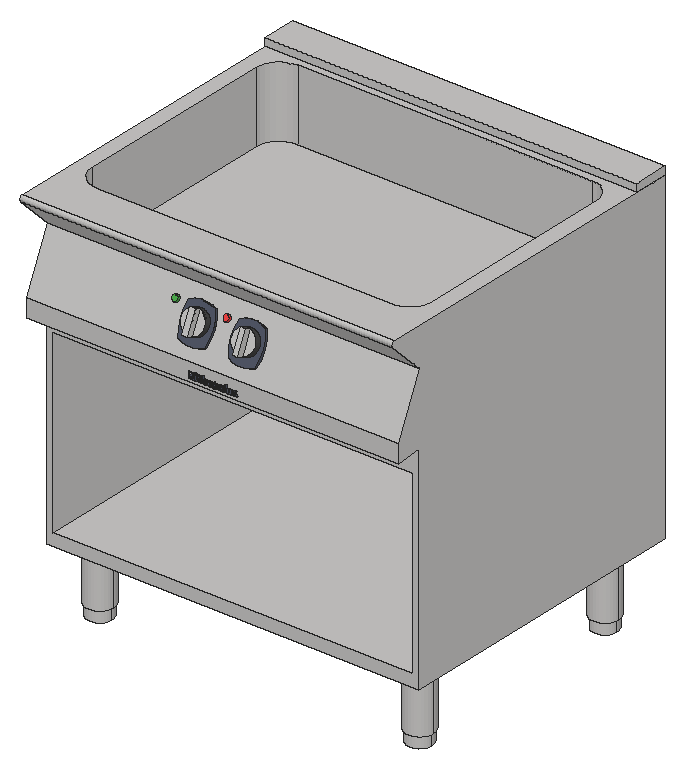
Revit family "QF_ELECTROLUXPROFESSIONAL_371110_E7MFEHDI00", category Specialty Equipment, Revit 2018 (continued)
Automatic sketch dimensions
  Extrusion 18 sketch curve to Extrusion 18 sketch curve = 0.222 mm
  Extrusion 18 sketch curve to Extrusion 18 sketch curve = 1.383 mm
  Extrusion 18 sketch curve to Extrusion 18 sketch curve = 3.114 mm
  Extrusion 18 sketch curve to Extrusion 18 sketch curve = 3.376 mm
  Extrusion 18 sketch curve to Extrusion 18 sketch curve = 0.934 mm
  Extrusion 18 sketch curve to Extrusion 18 sketch curve = 0.191 mm
  Extrusion 18 sketch curve to Extrusion 18 sketch curve = 3.696 mm
  Extrusion 18 sketch curve to Extrusion 18 sketch curve = 2.708 mm
  Extrusion 18 sketch curve to Extrusion 18 sketch curve = 3.333 mm
  Extrusion 18 sketch curve to Extrusion 18 sketch curve = 0.332 mm
  Extrusion 18 sketch curve to Extrusion 18 sketch curve = 1.087 mm
  Extrusion 18 sketch curve to Extrusion 18 sketch curve = 2.23 mm
  Extrusion 18 sketch curve to Extrusion 18 sketch curve = 2.757 mm
  Extrusion 18 sketch curve to Extrusion 18 sketch curve = 0.987 mm
  Extrusion 18 sketch curve to Extrusion 18 sketch curve = 1.529 mm
  Extrusion 18 sketch curve to Extrusion 18 sketch curve = 1.796 mm
  Extrusion 18 sketch curve to Extrusion 18 sketch curve = 2.859 mm
  Extrusion 18 sketch curve to Extrusion 18 sketch curve = 0.853 mm
  Extrusion 18 sketch curve to Extrusion 18 sketch curve = 1.241 mm
  Extrusion 18 sketch curve to Extrusion 18 sketch curve = 2.046 mm  (x2)
  Extrusion 18 sketch curve to Extrusion 18 sketch curve = 2.422 mm
  Extrusion 18 sketch curve to Extrusion 18 sketch curve = 0.27 mm
  Extrusion 18 sketch curve to Extrusion 18 sketch curve = 0.69 mm
  Extrusion 18 sketch curve to Extrusion 18 sketch curve = 0.781 mm  (x2)
  Extrusion 18 sketch curve to Extrusion 18 sketch curve = 3.136 mm
  Extrusion 18 sketch curve to Extrusion 18 sketch curve = 1.767 mm
  Extrusion 18 sketch curve to Extrusion 18 sketch curve = 0.138 mm
  Extrusion 18 sketch curve to Extrusion 18 sketch curve = 0.777 mm
  Extrusion 18 sketch curve to Extrusion 18 sketch curve = 1.19 mm
  Extrusion 18 sketch curve to Extrusion 18 sketch curve = 0.782 mm
  Extrusion 18 sketch curve to Extrusion 18 sketch curve = 1.268 mm
  Extrusion 18 sketch curve to Extrusion 18 sketch curve = 0.422 mm  (x2)
  Extrusion 18 sketch curve to Extrusion 18 sketch curve = 1.559 mm
  Extrusion 18 sketch curve to Extrusion 18 sketch curve = 3.927 mm
  Extrusion 18 sketch curve to Extrusion 18 sketch curve = 0.983 mm
  Extrusion 18 sketch curve to Extrusion 18 sketch curve = 1.134 mm
  Extrusion 18 sketch curve to Extrusion 18 sketch curve = 0.094 mm
  Extrusion 18 sketch curve to Extrusion 18 sketch curve = 1.584 mm
  plane 7 "Center Y" to Extrusion 18 sketch curve = 0.32 mm
  Extrusion 18 sketch curve to Extrusion 18 sketch curve = 0.916 mm
  Extrusion 18 sketch curve to Extrusion 18 sketch curve = 0.352 mm
  Extrusion 18 sketch curve to Extrusion 18 sketch curve = 0.458 mm
  Extrusion 18 sketch curve to Extrusion 18 sketch curve = 1.282 mm
  Extrusion 18 sketch curve to Extrusion 18 sketch curve = 1.363 mm
  Extrusion 18 sketch curve to Extrusion 18 sketch curve = 0.685 mm
  Extrusion 18 sketch curve to Extrusion 18 sketch curve = 0.905 mm
  Extrusion 18 sketch curve to Extrusion 18 sketch curve = 2.865 mm
  Extrusion 18 sketch curve to Extrusion 18 sketch curve = 0.472 mm
  Extrusion 18 sketch curve to Extrusion 18 sketch curve = 0.101 mm
  Extrusion 18 sketch curve to Extrusion 18 sketch curve = 0.54 mm
  Extrusion 18 sketch curve to Extrusion 18 sketch curve = 0.02 mm
  Extrusion 18 sketch curve to Extrusion 18 sketch curve = 0.468 mm
  Extrusion 18 sketch curve to Extrusion 18 sketch curve = 0.829 mm
  Extrusion 18 sketch curve to Extrusion 18 sketch curve = 0.582 mm
  Extrusion 18 sketch curve to Extrusion 18 sketch curve = 0.166 mm
  Extrusion 18 sketch curve to Extrusion 18 sketch curve = 0.16 mm
  Extrusion 18 sketch curve to Extrusion 18 sketch curve = 2.781 mm
  Extrusion 18 sketch curve to Extrusion 18 sketch curve = 1.118 mm
  Extrusion 18 sketch curve to Extrusion 18 sketch curve = 0.613 mm
  Extrusion 18 sketch curve to Extrusion 18 sketch curve = 0.361 mm
  Extrusion 18 sketch curve to Extrusion 18 sketch curve = 0.897 mm
  Extrusion 18 sketch curve to Extrusion 18 sketch curve = 0.167 mm
  Extrusion 18 sketch curve to Extrusion 18 sketch curve = 0.292 mm
  Extrusion 18 sketch curve to Extrusion 18 sketch curve = 0.305 mm
  Extrusion 18 sketch curve to Extrusion 18 sketch curve = 1.557 mm
  Extrusion 18 sketch curve to Extrusion 18 sketch curve = 2.499 mm
  Extrusion 18 sketch curve to Extrusion 18 sketch curve = 3.062 mm
  Extrusion 18 sketch curve to Extrusion 18 sketch curve = 2.968 mm
  Extrusion 18 sketch curve to Extrusion 18 sketch curve = 5.044 mm
  Extrusion 18 sketch curve to Extrusion 18 sketch curve = 0.629 mm  (x2)
  Extrusion 18 sketch curve to Extrusion 18 sketch curve = 1.131 mm
  Extrusion 18 sketch curve to Extrusion 18 sketch curve = 0.027 mm
  Extrusion 18 sketch curve to Extrusion 18 sketch curve = 2.235 mm
  radius of Extrusion 4 sketch curve = 25.4 mm
  radius of Extrusion 5 sketch curve to Extrusion 4 = 0 mm  (x2)
  radius of Extrusion 6 sketch curve = 6.35 mm
  radius of Extrusion 15 sketch curve = 25.4 mm
  radius of Extrusion 16 sketch curve to Extrusion 15 = 0 mm  (x2)
  radius of Extrusion 17 sketch curve = 6.35 mm
  radius of Extrusion 12 sketch curve = 12.7 mm  (x2)
Connectors
  piping at (291, -557, 588.3), diameter 25.4
    settings: on Extrusion 12, index 1, connector inside diameter 1", connector length 0 mm, flow factor 0, pipe flow 0 GPM, pressure drop 0.00 psi, fitting loss kfactor 0, connector angle 0.00°, fixture units 0, engagement length 0 mm, angle of deflection 0.00°, flow configuration 1, flow direction 2, fitting loss method 0, system type 16, joint type 0, gender type 0, connector reference index -1, connector utility 0, adjustable connector no, is connector primary yes, connector description "Drain"
  electrical at (747, -509, 588.3), driven by "Volts", driven by "Watts"
    settings: on Extrusion 12, index 2, voltage 400 V, apparent load 10000 VA, apparent load phase1 0 VA, apparent load phase2 0 VA, apparent load phase3 0 VA, power factor 1, load classification "Other", number of poles 1, system type 30, power factor state 1, is connector primary yes, connector utility no, sub classification motor no, connector description "Electrical Connection"
